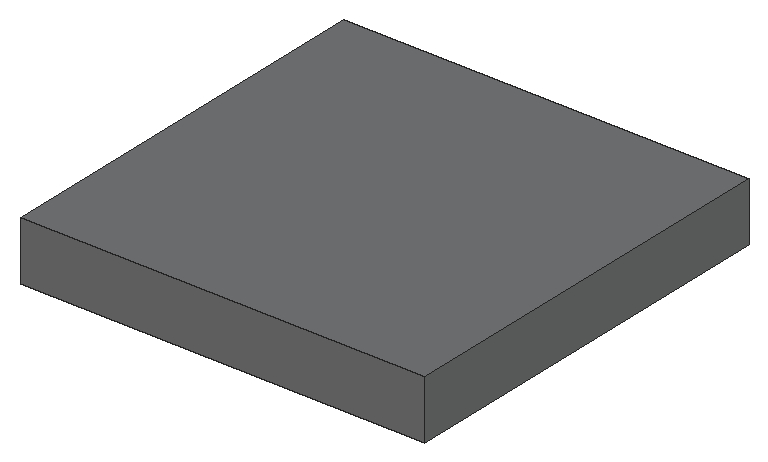
Revit family "Gira_5361600", category Electrical Fixtures, host Face, Revit 2017
Family settings
  Host = Face
  Maintain Annotation Orientation = No
  Round Connector Dimension = Use Diameter
  Part Type = Normal
  Cut with Voids When Loaded = No
  Shared = No
  Room Calculation Point = No
Parameters (values of type "S3000 op.top arrow symbols System 55 stainl.steel")
  With LED indication = "No"
  URL = "http://katalog.gira.de/en/datenblatt.html?artikelnr=5361600"
  Transparent = "No"
  Suitable for application with venetian shutter switch = "Yes"
  Suitable for application with switch = "No"
  Suitable for application with dimmer = "No"
  Number of actuation points = "2"
  Name = "S3000 op.top arrow symbols System 55 stainl.steel"
  Manufacturer URL = "https://www.gira.de/"
  Manufacturer = "Gira"
  Keynote = ""
  HeinzeBIM = "https://bimportal.heinze.de/bim/s3000-op-top-arrow-symbols-system-55-stainl-steel/8e7613364ad3ee95f13ea48b89015ec1de3fe3ab"
  HAN = "5361600"
  GTIN = "4010337027324"
  Description = "S3000 op.top arrows Sys55 SST,System 3000 operating top unit arrow symbols,,Stainless steel,"
  Default Elevation = 1219.2 mm
  Data sheet (1) = "https://katalog.gira.de/en/download.html?artikelnr=5361600"
  Category = "Intelligent control element"
  BIM (1) = "https://media.stage.bim.site/public/gira/36a6b08/Sys55_Abdeckung_Schalten und Tasten.rfa?public/gira/36a6b08/Sys55_Abdeckung_Schalten und Tasten.rfa"
  Available = "No"
  Application = "Control of electrical users"
  Anthrazit [instance] = Anthrazit
Reference planes
  plane 1 "Center (Front/Back)": y = 0
  plane 2: z = 0
  plane 3 "Center (Left/Right)": x = 0
Forms (mm)
  Extrusion 1, solid, material "Anthrazit" <- "Anthrazit", detail levels fine
    sketch origin (0, 0, 0) x (1, 0, 0) y (0, 1, 0)
      loop
        line (-27.5, 27.5) -> (-27.5, -27.5) -> (27.5, -27.5) -> (27.5, 27.5) -> (-27.5, 27.5)
    from 0 to 8
  Extrusion 2, void
    sketch origin (0, 0, 0) x (1, 0, 0) y (0, 1, 0)
      loop
        line (26, 26) -> (-26, 26) -> (-26, -26) -> (26, -26) -> (26, 26)
    from 0 to 6
  Extrusion 3, solid, material "Anthrazit" <- "Anthrazit", detail levels medium
    sketch origin (0, 0, 0) x (1, 0, 0) y (0, 1, 0)
      loop
        line (-27.5, 27.5) -> (-27.5, -27.5) -> (27.5, -27.5) -> (27.5, 27.5) -> (-27.5, 27.5)
    from 0 to 8
  Extrusion 4, solid, material "Anthrazit" <- "Anthrazit", detail levels medium
    sketch origin (0, 0, 0) x (1, 0, 0) y (0, 1, 0)
      loop
        line (11, -17.5) -> (11, 17.5) -> (-11, 17.5) -> (-11, -17.5) -> (11, -17.5)
    from -6 to 6
  Extrusion 5, solid, material "Anthrazit" <- "Anthrazit", detail levels fine
    sketch origin (0, 0, 0) x (1, 0, 0) y (0, 1, 0)
      loop
        line (11, 17.5) -> (-11, 17.5) -> (-11, 16.5) -> (11, 16.5) -> (11, 17.5)
      loop
        line (-11, -16.5) -> (-11, -17.5) -> (11, -17.5) -> (11, -16.5) -> (-11, -16.5)
    from -4 to 6
  Extrusion 6, solid, material "Anthrazit" <- "Anthrazit", detail levels fine
    sketch origin (0, 0, 0) x (1, 0, 0) y (0, 1, 0)
      loop
        arc (5, 9.347) -> (0, 10.6) -> (-5, 9.347) r 10.6
        line (-5, 9.347) -> (-5, -9.347)
        arc (-5, -9.347) -> (0, -10.6) -> (5, -9.347) r 10.6
        line (5, -9.347) -> (5, 9.347)
    from -6 to 6
  Extrusion 7, solid, material "Anthrazit" <- "Anthrazit", detail levels coarse
    sketch origin (0, 0, 0) x (1, 0, 0) y (0, 1, 0)
      loop
        line (-27.5, 27.5) -> (-27.5, -27.5) -> (27.5, -27.5) -> (27.5, 27.5) -> (-27.5, 27.5)
    from -6 to 8
Cuts and joins
  Extrusion 2 cuts Extrusion 1
Dimensions and locks
  aligned and locked: plane 2 to host face
  aligned and locked: level to host face
